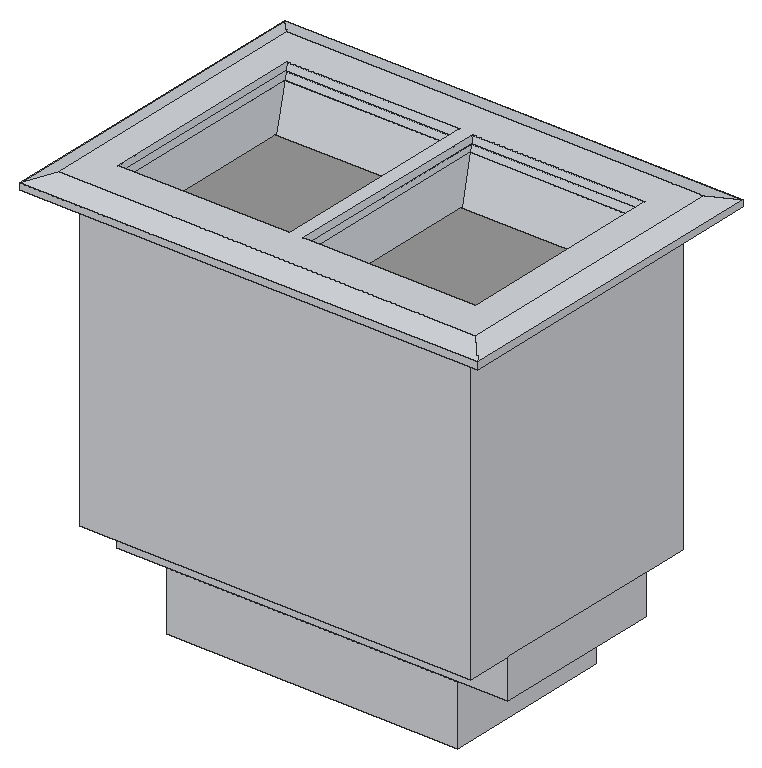
Revit family "2061074 Sylvania Lighting Fixture DOMINO 2xLED 930 BLACK NB TRIM WHITE", category Lighting Fixtures, host Face, Revit 2018
Family settings
  Host = Face
  Round Connector Dimension = Use Diameter
  Part Type = Normal
  OmniClass Number = 23.80.70.00
  OmniClass Title = Lighting
  Cut with Voids When Loaded = No
  Light Source = Yes
  Shared = No
  Room Calculation Point = No
Parameters (values of type "2061074 DOMINO 2XLED 930 BLACK NB TR WHT ")
  top top length = 44 mm
  Width = 50 mm
  Weight = "n/a"
  Wattage Comments = ""
  Wattage = 9.2903 W
  WarrantyStartDate [instance] = "n/a"
  WarrantyGuarantorParts = "n/a"
  WarrantyDurationUnit = "n/a"
  WarrantyDurationParts = ""
  WarrantyDescription = "http://www.sylvania-lighting.com"
  built-in parameter 1150110 = 1 (stored number, unit not read)
  Voltage = 0 V
  URL = "0.6"
  TypeName = "DOMINO 2xLED 930 BLACK NB TRIM WHITE"
  Type Image = <None>
  Type Comments = "n/a"
  built-in parameter 1114217 = 1 (stored number, unit not read)
  Top Width = 26 mm
  Tilt Angle = 90.00°
  built-in parameter 1150109 = 1 (stored number, unit not read)
  built-in parameter 1150134 = 3
  built-in parameter 1150113 = 1 (stored number, unit not read)
  SerialNumber [instance] = "n/a"
  Recessed Width = 43 mm
  Recessed Length = 63 mm
  Photometric Web File = "2061074.ies"
  Material_3_FEILO = none
  PowerFactor = 0
  PowerConsumption = "Lighting"
  NominalLength = 50 mm
  NominalHeight = 0 mm
  NominalDepth = 0 mm
  Name = "DOMINO 2xLED 930 BLACK NB TRIM WHITE"
  ModelReference = Name  # "DOMINO 2xLED 930 BLACK NB TRIM WHITE"
  ModelNumber = "2061074"
  Model = Name  # "DOMINO 2xLED 930 BLACK NB TRIM WHITE"
  Material = "Feilo Sylvania"
  ManufacturerName = "55 lm/W"
  Manufacturer = ""
  LuminousEfficacy = ""
  built-in parameter 1150105 = 109.82 (stored number, unit not read)
  Lumens = 1380 lm
  LuminaireType = "0"
  built-in parameter 1150115 = 1 (stored number, unit not read)
  LightOutputRatio = "LED"
  built-in parameter 1150137 = (empty or 0)
  built-in parameter 1150139 = (empty or 0)
  Lens Width = 32 mm
  Lens = Glass, White, High Luminance
  Length = 69 mm
  LampsType = Lamp  # "n/a"
  LampNominalLuminous = "3000 K"
  LampMacAdamStep = "90"
  LampColourTemperature = "LED"
  LampColourRenderingIndex = "16500"
  built-in parameter 1150112 = 1 (stored number, unit not read)
  built-in parameter 1150114 = 1 (stored number, unit not read)
  Lamp = "n/a"
  Keynote = "n/a"
  InstallationDate [instance] = "n/a"
  InputVoltage = "0"
  InputNominalFrequency = "3000"
  built-in parameter 1150132 = (empty or 0)
  built-in parameter 1150102 = (empty or 0)
  built-in parameter 1150107 = 3200 (stored number, unit not read)
  built-in parameter 1150138 = (empty or 0)
  IngressProtection = "IfcLightFixtureType"
  ImpactProtectionIndex = "IfcLightFixtureType"
  built-in parameter 1150106 = 1.0982 (stored number, unit not read)
  IfcExportType = "IfcLightFixtureType"
  IfcExportAs = "Class II"
  Facia internal width = 37 mm
  Facia internal length = 56 mm
  Facia Height = 2 mm
  ExpectedLife = 50000
  Emit from Circle Diameter = 609.6 mm
  Emit Shape Visible in Rendering = no
  ElectricShockClassification = "55"
  built-in parameter 1150104 = 13.8 (stored number, unit not read)
  DurationUnit = "hours"
  DocumentationLiterature = "http://www.sylvania-lighting.com/product/en-int/products/2061074"
  DimmingControlOptions = "n/a"
  Material_2_FEILO = none
  Dimming Lamp Color Temperature Shift = <None>
  Description = "Modular LED recessed linear spotlight, ideal for retail and hospitality applications. Die-cast aluminium body, passive cooling. Two levels of reflector installation, low glaring UGR<16. 2x LED source, 15° beam angle , optics: PMMA lens and polycarbonate reflector combination, Black matt reflector finish. Light color temperature: 3000K warm white, total system power: 6W , total fixture lumen output: 325lm, efficacy: 55 lm/W, Ra90 typical, LED chromacity: 3 step MacAdam ellipse (SDCM3), lifespan: 96,000 hours at 90% of the original output (L90B10), IR/UV free light source without heat radiation, operating voltage: 220-240V / 50-60Hz, electronic driver, ultra low flicker, non-dimmable , electrical protection: Class II. Degree of Protection: IP40/IP20, suitable for indoor environment only. Ceiling cut-out: 43x43mm, outer dimensions:  70x50mm trim frame RAL 9016 - Traffic white / Bezel color.5 years Warranty."
  Default Elevation = 1219.2 mm
  CreatedOn = "10/02/2021"
  CreatedBy = "harvey.smart@sylvania-lighting.com"
  Cost = 0
  Color Filter = 16777215
  built-in parameter 1114216 [instance] = (empty or 0)
  ClassificationValue = "EF_70_80"
  ClassificationName = "Uniclass2015"
  Material_1_FEILO = none
  Body Width = 40 mm
  Body Length = 59 mm
  BarCode [instance] = "n/a"
  built-in parameter 1114218 = 1 (stored number, unit not read)
  built-in parameter 1150133 = 10 (stored number, unit not read)
  AssetType = "Fixed"
  AssetIdentifier [instance] = "n/a"
  Assembly Code = "D5020200"
  Apparent Load = 6 VA
  Material_4_FEILO = none
Reference planes
  plane 1 "Center (Front/Back)": y = 0
  plane 2: z = 0
  plane 3 "Center (Left/Right)": x = 0
  plane 4: z = 0
  plane 5: z = -7
  plane 6: z = -45.895
  plane 7: z = -51.895
  plane 8: z = -60.895
  plane 9: x = -31.5
  plane 10: x = 31.5
  plane 11: y = 21.5
  plane 12: y = -21.5
  plane 13: x = -34.5
  plane 14: x = 34.5
  plane 15: y = 25
  plane 16: y = -25
  plane 17: x = 28
  plane 18: x = -28
  plane 19: y = 18.5
  plane 20: y = -18.5
  plane 21: z = 2
  plane 22: x = -29.5
  plane 23: x = 29.5
  plane 24: y = 20
  plane 25: y = -20
  plane 26: y = 13
  plane 27: y = -13
  plane 28: x = 22
  plane 29: y = 16
  plane 30: y = -16
  plane 31: x = -27
  plane 32: x = -1
  plane 33: x = -26
  plane 34: x = -2
  plane 35: y = 12.5
  plane 36: y = -12.5
  plane 37: x = 27
  plane 38: x = 1
  plane 39: x = 2
  plane 40: x = 26.026
Forms (mm)
  Extrusion 1, solid, not visible, detail levels medium+fine
    sketch origin (4.2, 0, 0) x (1, 0, 0) y (0, 1, 0)
      loop
        line (-29.2, 34.5) -> (-29.2, -34.5) -> (20.8, -34.5) -> (20.8, 34.5) -> (-29.2, 34.5)
    from 0 to 1
  Extrusion 2, solid, not visible, detail levels medium+fine
    sketch origin (4.044, 0, 0) x (1, 0, 0) y (0, 1, 0)
      loop
        line (-29.2, 34.5) -> (-29.2, -34.5) -> (20.8, -34.5) -> (20.8, 34.5) -> (-29.2, 34.5)
    from 0 to 1
  Blend 3, solid, not visible, detail levels medium+fine
    base sketch origin (4.2, 0, 0) x (1, 0, 0) y (0, 1, 0)
      loop
        line (-29.2, 34.5) -> (-29.2, -34.5) -> (20.8, -34.5) -> (20.8, 34.5) -> (-29.2, 34.5)
    top sketch origin (4.2, 0, 0) x (1, 0, 0) y (0, 1, 0)
      loop
        line (-21.7, 28) -> (-21.7, -28) -> (13.3, -28) -> (13.3, 28) -> (-21.7, 28)
    from 1 to 3
  Extrusion 4, solid, not visible, detail levels medium+fine
    sketch origin (3.419, 0, 0) x (1, 0, 0) y (0, 1, 0)
      loop
        line (-29.2, 34.5) -> (-29.2, -34.5) -> (20.8, -34.5) -> (20.8, 34.5) -> (-29.2, 34.5)
    from 0 to 1
  Blend 5, solid, not visible, detail levels medium+fine
    base sketch origin (3.575, 0, 0) x (1, 0, 0) y (0, 1, 0)
      loop
        line (-29.2, 34.5) -> (-29.2, -34.5) -> (20.8, -34.5) -> (20.8, 34.5) -> (-29.2, 34.5)
    top sketch origin (3.575, 0, 0) x (1, 0, 0) y (0, 1, 0)
      loop
        line (-21.7, 28) -> (-21.7, -28) -> (13.3, -28) -> (13.3, 28) -> (-21.7, 28)
    from 1 to 3
  Extrusion 6, solid, not visible, detail levels medium+fine
    sketch origin (4.247, 0, 0) x (1, 0, 0) y (0, 1, 0)
      loop
        line (-29.2, 34.5) -> (-29.2, -34.5) -> (20.8, -34.5) -> (20.8, 34.5) -> (-29.2, 34.5)
    from 0 to 1
  Blend 7, solid, not visible, detail levels medium+fine
    base sketch origin (4.403, 0, 0) x (1, 0, 0) y (0, 1, 0)
      loop
        line (-29.2, 34.5) -> (-29.2, -34.5) -> (20.8, -34.5) -> (20.8, 34.5) -> (-29.2, 34.5)
    top sketch origin (4.403, 0, 0) x (1, 0, 0) y (0, 1, 0)
      loop
        line (-21.7, 28) -> (-21.7, -28) -> (13.3, -28) -> (13.3, 28) -> (-21.7, 28)
    from 1 to 3
  Extrusion 8, void, detail levels medium+fine
    sketch origin (4.2, 0, 0) x (0, 1, 0) y (1, 0, 0)
      loop
        line (21.5, -35.7) -> (21.5, 27.3) -> (-21.5, 27.3) -> (-21.5, -35.7) -> (21.5, -35.7)
    from -9.934 to 83.097
  Extrusion 9, solid, detail levels medium+fine
    sketch origin (4.2, 0, 0) x (1, 0, 0) y (0, 1, 0)
      loop
        line (-38.7, 25) -> (-38.7, -25) -> (30.3, -25) -> (30.3, 25) -> (-38.7, 25)
    from 0 to 1
  Blend 10, solid, detail levels medium+fine
    base sketch origin (4.2, 0, 0) x (1, 0, 0) y (0, 1, 0)
      loop
        line (-38.7, 25) -> (-38.7, -25) -> (30.3, -25) -> (30.3, 25) -> (-38.7, 25)
    top sketch origin (4.2, 0, 0) x (1, 0, 0) y (0, 1, 0)
      loop
        line (-35.7, 21.5) -> (-35.7, -21.5) -> (27.3, -21.5) -> (27.3, 21.5) -> (-35.7, 21.5)
    from 1 to 2
  Extrusion 11, solid, detail levels medium+fine
    sketch origin (4.2, 0, 0) x (1, 0, 0) y (0, 1, 0)
      loop
        line (-33.7, 20) -> (-33.7, -20) -> (25.3, -20) -> (25.3, 20) -> (-33.7, 20)
    from 0 to -45.895
  Extrusion 12, solid, detail levels medium+fine
    sketch origin (4.2, 0, 0) x (1, 0, 0) y (0, 1, 0)
      loop
        line (-33.7, 13) -> (-33.7, -13) -> (25.3, -13) -> (25.3, 13) -> (-33.7, 13)
    from -51.895 to -45.895
  Extrusion 13, solid, detail levels fine
    sketch origin (4.2, 0, 0) x (1, 0, 0) y (0, 1, 0)
      loop
        line (-26.2, 13) -> (-26.2, -13) -> (17.8, -13) -> (17.8, 13) -> (-26.2, 13)
    from -60.895 to -51.895
  Blend 14, void, detail levels medium+fine
    base sketch origin (4.2, 0, 0) x (0, 1, 0) y (-1, 0, 0)
      loop
        line (16, 31.2) -> (-16, 31.2) -> (-16, 5.2) -> (16, 5.2) -> (16, 31.2)
    top sketch origin (4.2, 0, 0) x (0, 1, 0) y (-1, 0, 0)
      loop
        line (12.5, 30.2) -> (-12.5, 30.2) -> (-12.5, 6.2) -> (12.5, 6.2) -> (12.5, 30.2)
    from 2 to -7
  Blend 15, void, detail levels medium+fine
    base sketch origin (4.2, 0, 0) x (0, 1, 0) y (-1, 0, 0)
      loop
        line (16, 3.2) -> (-16, 3.2) -> (-16, -22.8) -> (16, -22.8) -> (16, 3.2)
    top sketch origin (4.2, 0, 0) x (0, 1, 0) y (-1, 0, 0)
      loop
        line (12.5, 2.2) -> (-12.5, 2.2) -> (-12.5, -21.826) -> (12.5, -21.826) -> (12.5, 2.2)
    from 2 to -7
  Extrusion 16, solid, material "Glass, White, High Luminance" <- "Lens", detail levels fine
    sketch origin (0, 1219.2, 38) x (1, 0, 0) y (0, 1, 0)
      loop
        line (-26, -1206.7) -> (-26, -1231.7) -> (-2, -1231.7) -> (-2, -1206.7) -> (-26, -1206.7)
    from -45 to -44
  Extrusion 17, solid, material "Glass, White, High Luminance" <- "Lens", detail levels fine
    sketch origin (4.2, 0, 0) x (1, 0, 0) y (0, 1, 0)
      loop
        line (-2.2, 12.5) -> (-2.2, -12.5) -> (21.826, -12.5) -> (21.826, 12.5) -> (-2.2, 12.5)
    from -7 to -6
  Extrusion 18, solid, detail levels coarse
    sketch origin (0, 1219.2, 38) x (1, 0, 0) y (0, 1, 0)
      loop
        line (34.5, -1194.2) -> (-34.5, -1194.2) -> (-34.5, -1244.2) -> (34.5, -1244.2) -> (34.5, -1194.2)
    from -36 to -98.895
Cuts and joins
  Blend 14, Blend 15 cuts Extrusion 9
  Blend 14, Blend 15 cuts Blend 10
  Blend 14, Blend 15 cuts Extrusion 11
Dimensions and locks
  "Recessed Length": plane 9 to plane 10
  equal spacing: plane 9, plane 3 "Center (Left/Right)", plane 10
  "Length": plane 13 to plane 14
  equal spacing: plane 13, plane 3 "Center (Left/Right)", plane 14
  "Recessed Width": plane 11 to plane 12
  equal spacing: plane 11, plane 1 "Center (Front/Back)", plane 12
  "Width": plane 15 to plane 16
  equal spacing: plane 15, plane 1 "Center (Front/Back)", plane 16
  "Facia internal length": plane 18 to plane 17
  equal spacing: plane 18, plane 3 "Center (Left/Right)", plane 17
  "Facia internal width": plane 19 to plane 20
  equal spacing: plane 19, plane 1 "Center (Front/Back)", plane 20
  "Facia Height": plane 21 to host face
  "Body Length": plane 22 to plane 23
  equal spacing: plane 22, plane 3 "Center (Left/Right)", plane 23
  "Body Width": plane 24 to plane 25
  equal spacing: plane 24, plane 1 "Center (Front/Back)", plane 25
  "Top Width": plane 26 to plane 27
  equal spacing: plane 26, plane 1 "Center (Front/Back)", plane 27
  plane 3 "Center (Left/Right)" to plane 28 = 22 mm
  "Lens Width": plane 29 to plane 30
  equal spacing: plane 29, plane 1 "Center (Front/Back)", plane 30
  aligned and locked: plane 2 to host face
  aligned and locked: level to host face
  aligned and locked: plane 21 to Blend 10
  aligned and locked: Extrusion 9 to Blend 10
  aligned and locked: plane 7 to Extrusion 13
  aligned and locked: Extrusion 12 to plane 7
  aligned and locked: Extrusion 11 to plane 6
  aligned and locked: Blend 14 to plane 5
  aligned and locked: plane 21 to Blend 14
  aligned and locked: Blend 15 to plane 5
  aligned and locked: plane 21 to Blend 15
Automatic sketch dimensions
  host sketch curve to host sketch curve = 2438.4 mm  (x2)
  Extrusion 1 sketch curve to Extrusion 1 sketch curve = 50 mm
  Extrusion 1 sketch curve to Extrusion 1 sketch curve = 69 mm
  Extrusion 2 sketch curve to Extrusion 2 sketch curve = 50 mm
  Extrusion 2 sketch curve to Extrusion 2 sketch curve = 69 mm
  Blend 3 sketch curve to Blend 3 sketch curve = 50 mm
  Blend 3 sketch curve to Blend 3 sketch curve = 69 mm
  Blend 3 sketch curve to Blend 3 sketch curve = 35 mm
  Blend 3 sketch curve to Blend 3 sketch curve = 56 mm
  Extrusion 4 sketch curve to Extrusion 4 sketch curve = 50 mm
  Extrusion 4 sketch curve to Extrusion 4 sketch curve = 69 mm
  Blend 5 sketch curve to Blend 5 sketch curve = 50 mm
  Blend 5 sketch curve to Blend 5 sketch curve = 69 mm
  Blend 5 sketch curve to Blend 5 sketch curve = 35 mm
  Blend 5 sketch curve to Blend 5 sketch curve = 56 mm
  Extrusion 6 sketch curve to Extrusion 6 sketch curve = 50 mm
  Extrusion 6 sketch curve to Extrusion 6 sketch curve = 69 mm
  Blend 7 sketch curve to Blend 7 sketch curve = 50 mm
  Blend 7 sketch curve to Blend 7 sketch curve = 69 mm
  Blend 7 sketch curve to Blend 7 sketch curve = 35 mm
  Blend 7 sketch curve to Blend 7 sketch curve = 56 mm
  Extrusion 8 sketch curve to plane 9 = 0 mm
  Extrusion 8 sketch curve to plane 12 = 0 mm
  Extrusion 8 sketch curve to plane 11 = 0 mm
  Extrusion 8 sketch curve to plane 10 = 0 mm
  Extrusion 9 sketch curve to plane 13 = 0 mm
  Extrusion 9 sketch curve to plane 14 = 0 mm
  Extrusion 9 sketch curve to plane 16 = 0 mm
  Extrusion 9 sketch curve to plane 15 = 0 mm
  Blend 10 sketch curve to plane 13 = 0 mm
  Blend 10 sketch curve to plane 14 = 0 mm
  Blend 10 sketch curve to plane 16 = 0 mm
  Blend 10 sketch curve to plane 15 = 0 mm
  Blend 10 sketch curve to plane 9 = 0 mm
  Blend 10 sketch curve to plane 10 = 0 mm
  Blend 10 sketch curve to plane 12 = 0 mm
  Blend 10 sketch curve to plane 11 = 0 mm
  Extrusion 11 sketch curve to plane 22 = 0 mm
  Extrusion 11 sketch curve to plane 23 = 0 mm
  Extrusion 11 sketch curve to plane 25 = 0 mm
  Extrusion 11 sketch curve to plane 24 = 0 mm
  Extrusion 12 sketch curve to plane 22 = 0 mm
  Extrusion 12 sketch curve to plane 23 = 0 mm
  Extrusion 12 sketch curve to plane 27 = 0 mm
  Extrusion 12 sketch curve to plane 26 = 0 mm
  Extrusion 13 sketch curve to plane 27 = 0 mm
  Extrusion 13 sketch curve to plane 28 = 0 mm
  Extrusion 13 sketch curve to plane 26 = 0 mm
  plane 18 to Extrusion 13 sketch curve = 6 mm
  Blend 14 sketch curve to plane 30 = 0 mm
  Blend 14 sketch curve to plane 29 = 0 mm
  Blend 14 sketch curve to plane 32 = 0 mm
  Blend 14 sketch curve to plane 31 = 0 mm
  Blend 14 sketch curve to plane 33 = 0 mm
  Blend 14 sketch curve to plane 36 = 0 mm
  Blend 14 sketch curve to plane 35 = 0 mm
  Blend 14 sketch curve to plane 34 = 0 mm
  Blend 15 sketch curve to plane 30 = 0 mm
  Blend 15 sketch curve to plane 29 = 0 mm
  Blend 15 sketch curve to plane 37 = 0 mm
  Blend 15 sketch curve to plane 38 = 0 mm
  Blend 15 sketch curve to plane 36 = 0 mm
  Blend 15 sketch curve to plane 35 = 0 mm
  Blend 15 sketch curve to plane 40 = 0 mm
  Blend 15 sketch curve to plane 39 = 0 mm
  plane 31 to Extrusion 16 sketch curve = 1 mm
  Extrusion 16 sketch curve to plane 11 = 9 mm
  Extrusion 16 sketch curve to plane 34 = 0 mm
  plane 1 "Center (Front/Back)" to Extrusion 16 sketch curve = 12.5 mm
  Extrusion 17 sketch curve to plane 36 = 0 mm
  Extrusion 17 sketch curve to plane 39 = 0 mm
  Extrusion 17 sketch curve to plane 40 = 0 mm
  Extrusion 17 sketch curve to plane 35 = 0 mm
  Extrusion 18 sketch curve to plane 33 = 8.5 mm
  plane 14 to Extrusion 18 sketch curve = 0 mm
  plane 16 to Extrusion 18 sketch curve = 50 mm
  Extrusion 18 sketch curve to plane 36 = 12.5 mm
